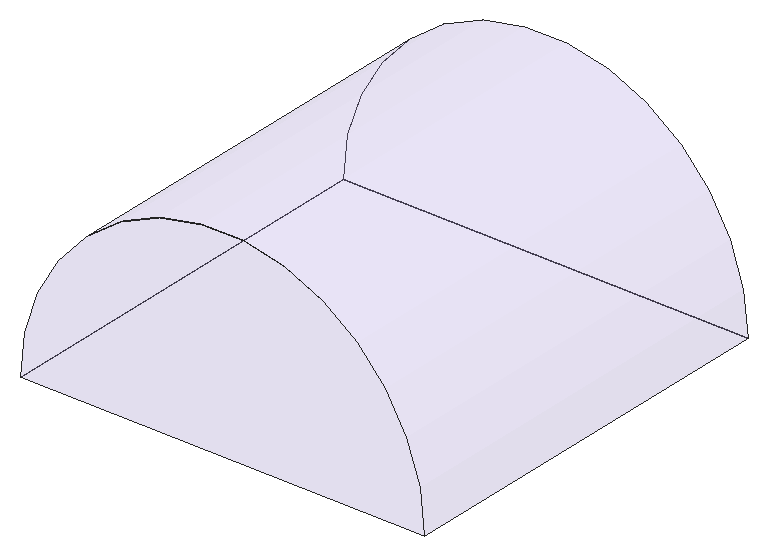
Revit family
Parameters
  폭 [instance] = 9000 mm
  매스 재료 [instance] = 기본 매스
  높이 [instance] = 폭 / 2  # 4500 mm
  깊이 [instance] = 9000 mm
  Default Elevation = 1219.2 mm
Reference planes
  plane 1 "중심(앞/뒤)": y = 12.955
  plane 2: z = 0
  plane 3 "중심(왼쪽/오른쪽)": x = -30.261
  plane 4: y = 4512.955
  plane 5: x = 4469.739
  plane 6: x = -4530.261
  plane 7: y = -4487.045
  plane 8: z = 4500
Forms (mm)
  Extrusion 1, solid, material "기본 매스" <- "매스 재료"
    sketch origin (0, 12.955, 0) x (1, 0, 0) y (0, 0, 1)
      loop
        arc (4469.739, 0) -> (-30.261, 4500) -> (-4530.261, 0) r 4500
        line (-4530.261, 0) -> (4469.739, 0)
    from -4500 to 4500
Dimensions and locks
  equal spacing: plane 6, plane 3 "중심(왼쪽/오른쪽)", plane 5
  "폭": plane 6 to plane 5
  equal spacing: plane 4, plane 1 "중심(앞/뒤)", plane 7
  "깊이": plane 4 to plane 7
  "높이": plane 8 to plane 2
  locked: plane 2 to level
  "높이": radius of Extrusion 1 sketch curve
  aligned and locked: Extrusion 1 to plane 7
  aligned and locked: Extrusion 1 to plane 4
  aligned and locked: plane 2 to Extrusion 1 sketch curve
Automatic sketch dimensions
  Extrusion 1 sketch curve to plane 3 "중심(왼쪽/오른쪽)" = 0 mm
